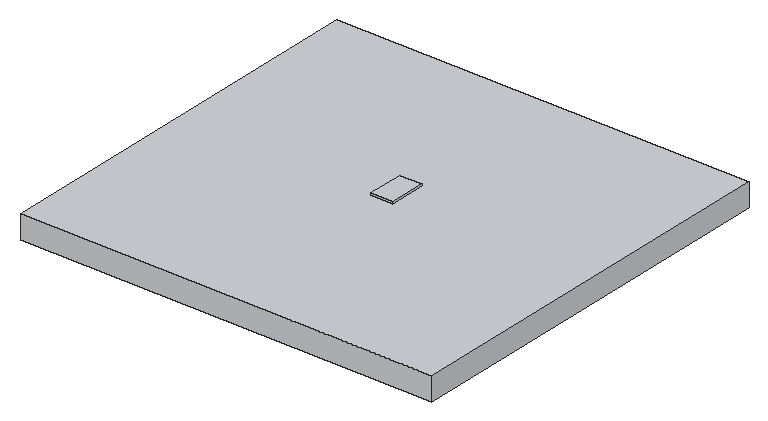
Revit family "b301d8fb432844679840010bf87ea8bf", category Lighting Devices, host Face, Revit 2021
Family settings
  Host = Face
  Maintain Annotation Orientation = Yes
  Round Connector Dimension = Use Diameter
  Part Type = Switch
  OmniClass Number = 23.80.50.11.14
  OmniClass Title = Switches
  Seek Item ID = Illuminated Handle Switch-0000-USA-ENU
  Cut with Voids When Loaded = No
  Shared = No
  Room Calculation Point = No
Parameters (values of type "Standard")
  Switch Voltage = 120 V
  Switch Number of Poles = 1
  Load Classification = Other
  Label = "H"
  Default Elevation = 4' - 0"
  Assembly Code = ""
  Apparent Load = 0 VA
Reference planes (in)
  plane 1 "Center (Front/Back)": y = 0
  plane 2: z = 0
  plane 3 "Center (Left/Right)": x = 0
  plane 4: x = -1.375
  plane 5: x = 1.375
  plane 6: x = -0.75
  plane 7: x = 0.75
  plane 8: y = 2.25
  plane 9: y = -2.25
  plane 10: y = 1.5
  plane 11: y = -1.5
  plane 12 "level above": z = 0.1875
  plane 13 "level below": z = -2.125
Forms (in)
  Extrusion 1, solid
    sketch origin (0, 0, 0) x (1, 0, 0) y (0, 1, 0)
      loop
        line (-25.375, 22.5) -> (-25.375, -26.25) -> (25.375, -26.25) -> (25.375, 22.5) -> (-25.375, 22.5)
    from 0 to -2.86111
  Extrusion 2, solid
    sketch origin (0, 0, 0) x (1, 0, 0) y (0, 1, 0)
      loop
        line (-1.375, 2.25) -> (-1.375, -2.25) -> (1.375, -2.25) -> (1.375, 2.25) -> (-1.375, 2.25)
    from 0 to 0.1875
  Extrusion 3, solid
    sketch origin (0, 0, 0) x (1, 0, 0) y (0, 1, 0)
      loop
        line (-0.75, 1.5) -> (-0.75, -1.5) -> (0.75, -1.5) -> (0.75, 1.5) -> (-0.75, 1.5)
    from 0 to -2.125
Lines and regions (in)
  symbolic lines, detail levels fine
    curve 1: line (-1.375, 0, 0.1875) -> (1.375, 0, 0.1875)
    curve 2: line (-1.375, 0, 0) -> (-1.375, 0, 0.1875)
    curve 3: line (1.375, 0, 0) -> (-1.375, 0, 0)
    curve 4: line (1.375, 0, 0.1875) -> (1.375, 0, 0)
    curve 5: line (-0.75, 0, -2.125) -> (0.75, 0, -2.125)
    curve 6: line (-0.75, 0, 0) -> (-0.75, 0, -2.125)
    curve 7: line (0.75, 0, -2.125) -> (0.75, 0, 0)
Dimensions and locks (in)
  equal spacing: plane 6, plane 3 "Center (Left/Right)", plane 7, locked at 0.75 each
  locked: plane 6 to plane 7 at 1.5
  equal spacing: plane 4, plane 3 "Center (Left/Right)", plane 5, locked at 1.375 each
  locked: plane 4 to plane 5 at 2.75
  locked: plane 8 to plane 9 at 4.5
  locked: plane 12 "level above" to level at 0.1875
  locked: level to plane 13 "level below" at 2.125
  locked: plane 10 to plane 11 at 3
  equal spacing: plane 10, plane 1 "Center (Front/Back)", plane 11, locked at 1.5 each
  equal spacing: plane 8, plane 1 "Center (Front/Back)", plane 9, locked at 2.25 each
  aligned and locked: plane 2 to Extrusion 1
  aligned and locked: level to Extrusion 1
  aligned and locked: plane 8 to Extrusion 2
  aligned and locked: Extrusion 2 to plane 9
  aligned and locked: plane 5 to Extrusion 2
  aligned and locked: Extrusion 2 to plane 4
  aligned and locked: Extrusion 2 to level
  aligned and locked: plane 12 "level above" to Extrusion 2
  aligned and locked: plane 10 to Extrusion 3
  aligned and locked: Extrusion 3 to plane 6
  aligned and locked: plane 7 to Extrusion 3
  aligned and locked: Extrusion 3 to plane 11
  aligned and locked: Extrusion 3 to level
  aligned and locked: Extrusion 3 to plane 13 "level below"
  aligned and locked: plane 3 "Center (Left/Right)" to nested 1
  aligned and locked: plane 1 "Center (Front/Back)" to nested 1
  aligned and locked: curve 1 to plane 12 "level above"
  aligned and locked: plane 2 to curve 3
  aligned and locked: curve 5 to plane 13 "level below"
Automatic sketch dimensions
  Extrusion 2 sketch curve to plane 4 = 0' - 0"
  Extrusion 2 sketch curve to plane 5 = 0' - 0"
  Extrusion 2 sketch curve to plane 9 = 0' - 0"
  Extrusion 2 sketch curve to plane 8 = 0' - 0"
  Extrusion 3 sketch curve to plane 6 = 0' - 0"
  Extrusion 3 sketch curve to plane 7 = 0' - 0"
  Extrusion 3 sketch curve to plane 11 = 0' - 0"
  Extrusion 3 sketch curve to plane 10 = 0' - 0"
  Extrusion 1 sketch curve to Extrusion 1 sketch curve = 4' - 2 3/4"
  Extrusion 1 sketch curve to Extrusion 1 sketch curve = 4' - 0 3/4"
  curve 2 to plane 4 = 0' - 0"
  curve 3 to plane 5 = 0' - 0"
  plane 4 to curve 7 = 0' - 2 1/8"
  curve 5 to curve 5 = 0' - 1 1/2"
Nested families (in)
  nested 1: "Switch Annotation" at (0, 0, 0), type "Switch Annotation", detail levels coarse+medium
Connectors (in)
  electrical at (0, 1.5, -1.0625), driven by "Switch Voltage", driven by "Apparent Load", driven by "Switch Number of Poles", driven by "Load Classification"
    settings: on Extrusion 3, index 1, voltage 120 V, apparent load 0 VA, apparent load phase1 0 VA, apparent load phase2 0 VA, apparent load phase3 0 VA, power factor 1, load classification "Other", number of poles 1, system type 31, power factor state 1, is connector primary yes, connector utility no, sub classification motor no, connector description ""
Definition of nested family "Switch Annotation"
  Parameters
    Label = "WP"
  Reference planes (in)
    plane 1: y = 0
    plane 2: x = 0
  Lines and regions (in)
    detail lines
      curve 1: line (0, 0.125, 0) -> (0, 0, 0)
      curve 3: arc (0.01506, 0.11153, 0) -> (-0.02442, 0.09683, 0) -> (0, 0.0625, 0) r 0.02655
      curve 4: arc (0, 0.0625, 0) -> (0.01543, 0.02147, 0) -> (-0.02827, 0.02483, 0) r 0.02599
    reference lines
      curve 2: line (0, 0.0625, 0) -> (-0.11983, 0.0625, 0)
      curve 5: line (0.10095, -0.04722, 0) -> (0.10095, 0.09386, 0)
      curve 6: line (0.10095, -0.04722, 0) -> (0.28349, -0.04722, 0)
      curve 7: line (0.10095, 0.04579, 0) -> (0.31014, 0.04579, 0)
  Text (in)
    label "2" at (0.02544, -0.00499, 0), shows "Label"
  Dimensions and locks (in)
    locked: curve 6 to curve 7 at 0.09301
    locked: curve 1 to curve 5 at 0.10095
    locked: curve 1 to curve 1 at 0.125
    locked: plane 1 to curve 2 at 0.0625
    aligned and locked: curve 1 to curve 2
    aligned and locked: curve 3 to curve 2
    aligned and locked: curve 4 to curve 2
    aligned and locked: plane 1 to curve 1
    aligned and locked: curve 1 to plane 2
    aligned and locked: plane 2 to curve 1
